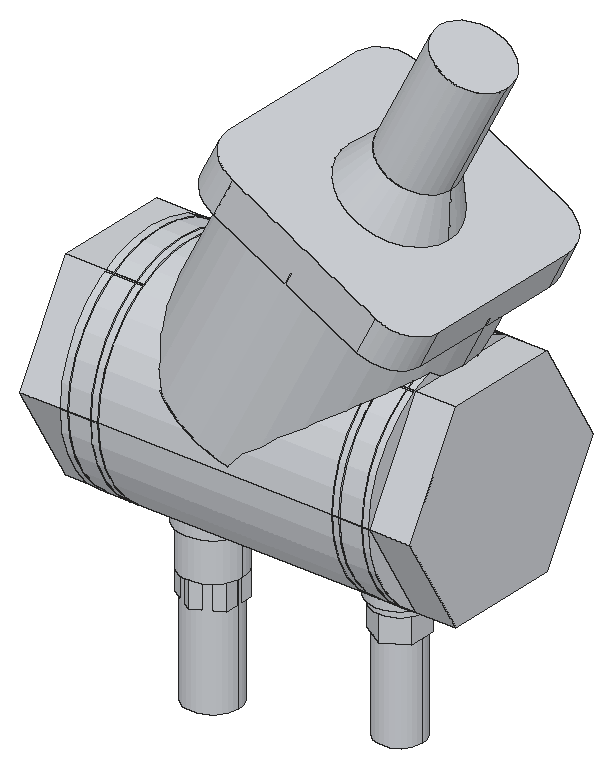
Revit family "Sigma_Compact_DN032_s vyp_RFA_2019", category Pipe Accessories, Revit 2019
Family settings
  Round Connector Dimension = Use Diameter
  Part Type = Valve - Breaks Into
  Work Plane-Based = No
  Always vertical = Yes
  Cut with Voids When Loaded = No
  Shared = No
Parameters (values of type "Sigma Compact DN 32 s vypouštěním")
  magiProductId = "52c1318164f948b8bfa512d8a8b026"
  magiProductFamilyId = "2dc1766e7e3844cdb739145bbea09c"
  magiPartTypeId = 304
  isMeasuringValve [instance] = no
  ang2D [instance] = 0.00°
  Z6 = 33 mm
  Z5 = 77 mm
  Z4 = 66 mm
  Z3 = 11 mm
  Z2 = 55 mm
  XR2 = 37.5 mm
  XR1 = 25.5 mm
  W2D = 32 mm
  VersionID = "2.0/2018.12.13.2/FRESE_SIGMA_PLUG_Q13_001"
  Use Minimum Symbol Size [instance] = no
  URL = "www.hydronic.cz"
  Type Comments = "závitový; vnitřní závit; PN25; max dp=400kPa; -10~+120°C; max uzavírací tlak 1MPa"
  R4 = 15 mm
  R3 = 10 mm
  R2 = 30.5 mm
  R1 = 31.5 mm
  QmdConnectorList = "301;D;302;D"
  Productdata [instance] = ""
  NL__ve = -NL  # -20.8 mm
  NL = 20.8 mm
  Manufacturer = "Hydronic Systems Prague s.r.o."
  MC Use Limits From Balancing Method = no
  MC Throttling Minimum Value = 0
  MC Throttling Maximum Value = 0
  MC Product Code = "53-2225 DN32 FF s měřením a vypouštěním; (200-5000 l/h); kvs=10,9"
  MC Pressure Drop Minimum Value = 0.0 Pa
  MC Pressure Drop Maximum Value = 0.0 Pa
  MC Piping Given Pressure Drop [instance] = 0.0 Pa
  M5 = 41.2 mm
  M4 = 39.2 mm
  M3 = 33.2 mm
  M2 = 31.2 mm
  LP = 52 mm
  LM = 62.4 mm
  LL__ve = -LL  # -6.8 mm
  LLT__ve = -LLT  # -22.6 mm
  LLT = 22.6 mm
  LLL = 11 mm
  LL3 = 52 mm
  LL2 = 43 mm
  LL = 6.8 mm
  L3 = 25 mm
  L2D_Min = 30.48 mm
  L2D = 82.4 mm
  Description = "Automatický vyvažovací ventil"
  DR1 = yes
  DR0 = no
  DL2 = 77 mm
  D = 32 mm
  CenSd_R2_6 = R2 * cos(30.00°)  # 26.414 mm
  CAT0 = yes
  C0D1 = yes
  C0D0 = no
Types (3, lengths in mm): name | magiProductId | Z6 | Z5 | Z4 | Z3 | Z2 | NL__ve | NL | MC Product Code | M5 | M4 | M3 | M2 | LP | LM | LL__ve | LLT__ve | LLT | LL3 | LL2 | LL | DL2 | D
  Sigma Compact DN 32 s vypouštěním | "52c1318164f948b8bfa512d8a8b026" | 33 | 77 | 66 | 11 | 55 | -20.8 | 20.8 | "53-2225 DN32 FF s měřením a vypouštěním; (200-5000 l/h); kvs=10,9" | 41.2 | 39.2 | 33.2 | 31.2 | 52 | 62.4 | -6.8 | -22.6 | 22.6 | 52 | 43 | 6.8 | 77 | 32
  Sigma Compact DN 40 s vypouštěním | "ead7fbe154ec4086ae4626bbcbe652" | 39.3 | 91.7 | 78.6 | 13.1 | 65.5 | -27.6 | 27.6 | "53-2226 DN40 FF s měřením a vypouštěním; (719-7400 l/h); kvs=18,0" | 51.4 | 49.4 | 43.4 | 41.4 | 69 | 82.8 | -7 | -24 | 24 | 54 | 45 | 7 | 79 | 40
  Sigma Compact DN 50 s vypouštěním | "001ad4382b874bb9b8e1e8cf3b6430" | 39.3 | 91.7 | 78.6 | 13.1 | 65.5 | -27.6 | 27.6 | "53-2227 DN50 FF s měřením a vypouštěním; (900-10350 l/h); kvs=20,3" | 51.4 | 49.4 | 43.4 | 41.4 | 69 | 82.8 | -7.6 | -28.2 | 28.2 | 60 | 51 | 7.6 | 85 | 50
Reference planes
  plane 1 "Center (Front/Back)": y = 0
  plane 2 "XYPLANE": z = 0
  plane 3 "Center (Left/Right)": x = 0
  plane 4 "408": x = 52
  plane 5 "407": x = -52
  plane 6 "404": z = -45.2
  plane 7 "403": z = -52
  plane 8 "402": z = -77
  plane 9 "213": x = -25
  plane 10 "168": z = -18.6
  plane 11 "167": z = -20.6
  plane 12 "166": z = -27.4
  plane 13 "165": z = -34.2
  plane 14 "164": z = -36.2
  plane 15 "154": z = 0
  plane 16 "152": y = 0
  plane 17 "151": z = -43
  plane 18 "150": x = 25
  plane 19 "75": through (307.08, 0, 685.28) normal (0.891, 0, -0.454)
  plane 20 "74": x = 41.2
  plane 21 "73": x = 39.2
  plane 22 "72": x = 33.2
  plane 23 "71": x = 31.2
  plane 24 "70": x = -41.2
  plane 25 "69": x = -39.2
  plane 26 "68": x = -33.2
  plane 27 "67": y = 0
  plane 28 "66": through (-666.893, 0, 343.166) normal (0.454, 0, 0.891)
  plane 29 "65": x = -31.2
  plane 30 "64": through (335.147, 0, 670.979) normal (0.891, 0, -0.454)
  plane 31 "63": through (-643.285, 0, 389.498) normal (0.454, 0, 0.891)
  plane 32 "62": through (363.214, 0, 656.678) normal (0.891, 0, -0.454)
  plane 33 "61": y = 31.5
  plane 34 "60": y = -31.5
  plane 35 "59": through (-638.292, 0, 399.299) normal (0.454, 0, 0.891)
  plane 36 "58": through (-633.298, 0, 409.1) normal (0.454, 0, 0.891)
  plane 37 "56": x = 0
  plane 38 "55": through (-668.255, 0, 340.493) normal (0.454, 0, 0.891)
  plane 39 "102XY": through (-668.255, 0, 340.493) normal (0.454, 0, 0.891)
  plane 40 "102XZ": y = 0
  plane 41 "102YZ": through (340.493, 0, 668.255) normal (0.891, 0, -0.454)
Forms (mm)
  Extrusion 1, solid
    sketch origin (52, -750, 0) x (0, 1, 0) y (0, 0, 1)
      loop
        line (780.5, 0) -> (765.25, 26.414) -> (734.75, 26.414) -> (719.5, 0) -> (734.75, -26.414) -> (765.25, -26.414) -> (780.5, 0)
    from 0 to -20.8 <- "NL__ve"
  Extrusion 2, solid
    sketch origin (-52, -750, 0) x (0, 1, 0) y (0, 0, 1)
      loop
        line (719.5, 0) -> (734.75, -26.414) -> (765.25, -26.414) -> (780.5, 0) -> (765.25, 26.414) -> (734.75, 26.414) -> (719.5, 0)
    from 0 to 20.8 <- "NL"
  Extrusion 3, solid, visible <- "C0D1"
    sketch origin (-750, 0, -77) x (1, 0, 0) y (0, 1, 0)
      loop
        circle (725, 0) r 7
    from 0 to 50
  Extrusion 4, solid, visible <- "DR1"
    sketch origin (-750, 0, -45.2) x (1, 0, 0) y (0, 1, 0)
      loop
        line (725, -8) -> (731.928, -4) -> (731.928, 4) -> (725, 8) -> (718.072, 4) -> (718.072, -4) -> (725, -8)
    from 0 to -6.8 <- "LL__ve"
  Extrusion 5, solid, visible <- "DR1"
    sketch origin (-750, 0, -45.2) x (1, 0, 0) y (0, 1, 0)
      loop
        circle (725, 0) r 8
    from 0 to 11 <- "LLL"
  Extrusion 6, solid, visible <- "DR1"
    sketch origin (-750, 0, -34.2) x (1, 0, 0) y (0, 1, 0)
      loop
        circle (725, 0) r 9
    from 0 to 6.8 <- "LL"
  Extrusion 7, solid, visible <- "DR1"
    sketch origin (-750, 0, -27.4) x (1, 0, 0) y (0, 1, 0)
      loop
        circle (725, 0) r 10
    from 0 to 6.8 <- "LL"
  Blend 8, solid, visible <- "DR1"
    base sketch origin (-750, 0, -18.6) x (1, 0, 0) y (0, 1, 0)
      loop
        circle (725, 0) r 7.5
    top sketch origin (-750, 0, -18.6) x (1, 0, 0) y (0, 1, 0)
      loop
        circle (725, 0) r 10
    from 0 to -2
  Extrusion 9, solid, visible <- "DR1"
    sketch origin (-750, 0, 0) x (1, 0, 0) y (0, 1, 0)
      loop
        circle (725, 0) r 7.5
    from 0 to -22.6 <- "LLT__ve"
  Extrusion 10, solid, visible <- "C0D0"
    sketch origin (-750, 0, -43) x (1, 0, 0) y (0, 1, 0)
      loop
        circle (725, 0) r 6
    from 0 to -25
  Extrusion 11, solid, visible <- "DR0"
    sketch origin (-750, 0, -36.2) x (1, 0, 0) y (0, 1, 0)
      loop
        line (725, -7) -> (731.062, -3.5) -> (731.062, 3.5) -> (725, 7) -> (718.938, 3.5) -> (718.938, -3.5) -> (725, -7)
    from 0 to -6.8 <- "LL__ve"
  Extrusion 12, solid, visible <- "DR0"
    sketch origin (-750, 0, -36.2) x (1, 0, 0) y (0, 1, 0)
      loop
        circle (725, 0) r 7
    from 0 to 2
  Extrusion 13, solid, visible <- "DR0"
    sketch origin (-750, 0, -27.4) x (1, 0, 0) y (0, 1, 0)
      loop
        circle (725, 0) r 9
    from 0 to 6.8 <- "LL"
  Blend 14, solid, visible <- "DR0"
    base sketch origin (-750, 0, -18.6) x (1, 0, 0) y (0, 1, 0)
      loop
        circle (725, 0) r 6.5
    top sketch origin (-750, 0, -18.6) x (1, 0, 0) y (0, 1, 0)
      loop
        circle (725, 0) r 9
    from 0 to -2
  Extrusion 15, solid, visible <- "DR0"
    sketch origin (-750, 0, 0) x (1, 0, 0) y (0, 1, 0)
      loop
        circle (725, 0) r 6.5
    from 0 to -22.6 <- "LLT__ve"
  Extrusion 16, solid, visible <- "DR0"
    sketch origin (-750, 0, 0) x (1, 0, 0) y (0, 1, 0)
      loop
        circle (725, 0) r 6.5
    from 0 to -22.6 <- "LLT__ve"
  Blend 17, solid, visible <- "DR0"
    base sketch origin (-750, 0, -18.6) x (1, 0, 0) y (0, 1, 0)
      loop
        circle (725, 0) r 6.5
    top sketch origin (-750, 0, -18.6) x (1, 0, 0) y (0, 1, 0)
      loop
        circle (725, 0) r 9
    from 0 to -2
  Extrusion 18, solid, visible <- "DR0"
    sketch origin (-750, 0, -27.4) x (1, 0, 0) y (0, 1, 0)
      loop
        circle (725, 0) r 9
    from 0 to 6.8 <- "LL"
  Extrusion 19, solid, visible <- "DR0"
    sketch origin (-750, 0, -34.2) x (1, 0, 0) y (0, 1, 0)
      loop
        circle (725, 0) r 8
    from 0 to 6.8 <- "LL"
  Extrusion 20, solid, visible <- "DR0"
    sketch origin (-750, 0, -36.2) x (1, 0, 0) y (0, 1, 0)
      loop
        circle (725, 0) r 7
    from 0 to 2
  Extrusion 21, solid, visible <- "DR0"
    sketch origin (-750, 0, -36.2) x (1, 0, 0) y (0, 1, 0)
      loop
        line (725, -7) -> (731.062, -3.5) -> (731.062, 3.5) -> (725, 7) -> (718.938, 3.5) -> (718.938, -3.5) -> (725, -7)
    from 0 to -6.8 <- "LL__ve"
  Extrusion 22, solid, visible <- "C0D0"
    sketch origin (-750, 0, -43) x (1, 0, 0) y (0, 1, 0)
      loop
        circle (725, 0) r 6
    from 0 to -25
  Extrusion 23, solid, visible <- "CAT0"
    sketch origin (-750, 0, -43) x (1, 0, 0) y (0, 1, 0)
      loop
        circle (775, 0) r 6
    from 0 to -25
  Extrusion 24, solid
    sketch origin (-750, 0, -36.2) x (1, 0, 0) y (0, 1, 0)
      loop
        line (775, -7) -> (781.062, -3.5) -> (781.062, 3.5) -> (775, 7) -> (768.938, 3.5) -> (768.938, -3.5) -> (775, -7)
    from 0 to -6.8 <- "LL__ve"
  Extrusion 25, solid
    sketch origin (-750, 0, -36.2) x (1, 0, 0) y (0, 1, 0)
      loop
        circle (775, 0) r 7
    from 0 to 2
  Extrusion 26, solid
    sketch origin (-750, 0, -34.2) x (1, 0, 0) y (0, 1, 0)
      loop
        circle (775, 0) r 8
    from 0 to 6.8 <- "LL"
  Extrusion 27, solid
    sketch origin (-750, 0, -27.4) x (1, 0, 0) y (0, 1, 0)
      loop
        circle (775, 0) r 9
    from 0 to 6.8 <- "LL"
  Blend 28, solid
    base sketch origin (-750, 0, -18.6) x (1, 0, 0) y (0, 1, 0)
      loop
        circle (775, 0) r 6.5
    top sketch origin (-750, 0, -18.6) x (1, 0, 0) y (0, 1, 0)
      loop
        circle (775, 0) r 9
    from 0 to -2
  Extrusion 29, solid
    sketch origin (-750, 0, 0) x (1, 0, 0) y (0, 1, 0)
      loop
        circle (775, 0) r 6.5
    from 0 to -22.6 <- "LLT__ve"
  Blend 30, solid, visible <- "CAT0"
    base sketch origin (39.2, -750, 0) x (0, 1, 0) y (0, 0, 1)
      loop
        circle (750, 0) r 30.5
    top sketch origin (39.2, -750, 0) x (0, 1, 0) y (0, 0, 1)
      loop
        circle (750, 0) r 30.5
    from 0 to 2
  Extrusion 31, solid, visible <- "CAT0"
    sketch origin (33.2, -750, 0) x (0, 1, 0) y (0, 0, 1)
      loop
        circle (750, 0) r 30.5
    from 0 to 6
  Blend 32, solid, visible <- "CAT0"
    base sketch origin (31.2, -750, 0) x (0, 1, 0) y (0, 0, 1)
      loop
        circle (750, 0) r 30.5
    top sketch origin (31.2, -750, 0) x (0, 1, 0) y (0, 0, 1)
      loop
        circle (750, 0) r 30.5
    from 0 to 2
  Blend 33, solid, visible <- "CAT0"
    base sketch origin (-39.2, -750, 0) x (0, 1, 0) y (0, 0, 1)
      loop
        circle (750, 0) r 30.5
    top sketch origin (-39.2, -750, 0) x (0, 1, 0) y (0, 0, 1)
      loop
        circle (750, 0) r 30.5
    from 0 to -2
  Extrusion 34, solid, visible <- "CAT0"
    sketch origin (-39.2, -750, 0) x (0, 1, 0) y (0, 0, 1)
      loop
        circle (750, 0) r 30.5
    from 0 to 6
  Blend 35, solid, visible <- "CAT0"
    base sketch origin (-33.2, -750, 0) x (0, 1, 0) y (0, 0, 1)
      loop
        circle (750, 0) r 30.5
    top sketch origin (-33.2, -750, 0) x (0, 1, 0) y (0, 0, 1)
      loop
        circle (750, 0) r 30.5
    from 0 to 2
  Extrusion 36, solid, visible <- "CAT0"
    sketch origin (-31.2, -750, 0) x (0, 1, 0) y (0, 0, 1)
      loop
        circle (750, 0) r 30.5
    from 0 to 62.4 <- "LM"
  Extrusion 37, solid, visible <- "CAT0"
    sketch origin (-666.893, 0, 343.166) x (0.891007, 0, -0.45399) y (0, 1, 0)
      loop
        circle (744, 0) r 31.5
    from 0 to 55 <- "Z2"
  Extrusion 38, solid, visible <- "CAT0"
    sketch origin (-643.285, 0, 389.498) x (0.891007, 0, -0.45399) y (0, 1, 0)
      loop
        arc (722.5, 31.5) -> (715.429, 28.571) -> (712.5, 21.5) r 10
        line (712.5, 21.5) -> (712.5, -21.5)
        arc (712.5, -21.5) -> (715.429, -28.571) -> (722.5, -31.5) r 10
        line (722.5, -31.5) -> (765.5, -31.5)
        arc (765.5, -31.5) -> (772.571, -28.571) -> (775.5, -21.5) r 10
        line (775.5, -21.5) -> (775.5, 21.5)
        arc (775.5, 21.5) -> (772.571, 28.571) -> (765.5, 31.5) r 10
        line (765.5, 31.5) -> (722.5, 31.5)
    from 0 to 11 <- "Z3"
  Blend 39, solid, visible <- "CAT0"
    base sketch origin (-638.292, 0, 399.299) x (0.891007, 0, -0.45399) y (0, 1, 0)
      loop
        circle (744, 0) r 15
    top sketch origin (-638.292, 0, 399.299) x (0.891007, 0, -0.45399) y (0, 1, 0)
      loop
        circle (744, 0) r 10
    from 0 to 11
  Extrusion 40, solid, visible <- "CAT0"
    sketch origin (-633.298, 0, 409.1) x (0.891007, 0, -0.45399) y (0, 1, 0)
      loop
        circle (744, 0) r 10
    from 0 to 33 <- "Z6"
  Blend 41, solid, visible <- "CAT0"
    base sketch origin (-668.255, 0, 340.493) x (0.891007, 0, -0.45399) y (0, 1, 0)
      loop
        circle (744, 0) r 15
    top sketch origin (-668.255, 0, 340.493) x (0.891007, 0, -0.45399) y (0, 1, 0)
      loop
        circle (744, 0) r 31.5
    from 0 to 3
  Extrusion 42, solid, not visible
    sketch origin (-41.2, -750, 0) x (0, 1, 0) y (0, 0, 1)
      loop
        circle (750, 0) r 10
    from 0 to 10
  Extrusion 43, solid, not visible
    sketch origin (41.2, -750, 0) x (0, 1, 0) y (0, 0, 1)
      loop
        circle (750, 0) r 10
    from 0 to -10
Lines and regions (mm)
  reference lines, not visible
    curve 1: circle (2, 2, 0) r 1 normal (0, 0, 1)
  reference lines
    curve 2: line (52, 0, 0) -> (52, -7.625, 13.207)
    curve 3: line (52, 0, 0) -> (52, -15.25, 0)
    curve 4: line (52, 0, 0) -> (52, -7.625, -13.207)
    curve 5: line (-52, 0, 0) -> (-52, 7.625, 13.207)
    curve 6: line (-52, 0, 0) -> (-52, 15.25, 0)
    curve 7: line (-52, 0, 0) -> (-52, 7.625, -13.207)
Dimensions and locks
  plane 1 "Center (Front/Back)" to curve 1 = 2 mm
  "LP": plane 37 "56" to plane 4 "408"
  "LP": plane 37 "56" to plane 5 "407"
  "LL": plane 7 "403" to plane 6 "404"
  "LL3": plane 2 "XYPLANE" to plane 7 "403"
  "DL2": plane 2 "XYPLANE" to plane 8 "402"
  "L3": plane 3 "Center (Left/Right)" to plane 9 "213"
  locked: plane 11 "167" to plane 10 "168" at 2
  "LL": plane 12 "166" to plane 11 "167"
  "LL": plane 13 "165" to plane 12 "166"
  locked: plane 14 "164" to plane 13 "165" at 2
  "LL": plane 17 "151" to plane 14 "164"
  locked: plane 2 "XYPLANE" to plane 15 "154"
  locked: plane 1 "Center (Front/Back)" to plane 16 "152"
  "LL2": plane 2 "XYPLANE" to plane 17 "151"
  "L3": plane 3 "Center (Left/Right)" to plane 18 "150"
  "XR2": plane 41 "102YZ" to plane 19 "75"
  "M5": plane 3 "Center (Left/Right)" to plane 20 "74"
  "M4": plane 3 "Center (Left/Right)" to plane 21 "73"
  "M3": plane 3 "Center (Left/Right)" to plane 22 "72"
  "M2": plane 3 "Center (Left/Right)" to plane 23 "71"
  "M5": plane 3 "Center (Left/Right)" to plane 24 "70"
  "M4": plane 3 "Center (Left/Right)" to plane 25 "69"
  "M3": plane 3 "Center (Left/Right)" to plane 26 "68"
  locked: plane 16 "152" to plane 27 "67"
  locked: plane 39 "102XY" to plane 28 "66" at 3
  "M2": plane 3 "Center (Left/Right)" to plane 29 "65"
  locked: plane 41 "102YZ" to plane 30 "64" at 6
  "Z2": plane 39 "102XY" to plane 31 "63"
  "XR1": plane 41 "102YZ" to plane 32 "62"
  "R1": plane 16 "152" to plane 33 "61"
  "R1": plane 16 "152" to plane 34 "60"
  "Z4": plane 39 "102XY" to plane 35 "59"
  "Z5": plane 39 "102XY" to plane 36 "58"
  locked: plane 3 "Center (Left/Right)" to plane 37 "56"
  locked: plane 39 "102XY" to plane 38 "55"
  "CenSd_R2_6": curve 2 to Extrusion 1 sketch curve  (x2)
  "CenSd_R2_6": curve 3 to Extrusion 1 sketch curve  (x2)
  "CenSd_R2_6": curve 4 to Extrusion 1 sketch curve  (x2)
  Extrusion 1 sketch curve to Extrusion 1 sketch curve = 0 mm  (x12)
  "CenSd_R2_6": curve 5 to Extrusion 2 sketch curve  (x2)
  "CenSd_R2_6": curve 6 to Extrusion 2 sketch curve  (x2)
  "CenSd_R2_6": curve 7 to Extrusion 2 sketch curve  (x2)
  Extrusion 2 sketch curve to Extrusion 2 sketch curve = 0 mm  (x12)
  Extrusion 4 sketch curve to Extrusion 4 sketch curve = 0 mm  (x12)
  Extrusion 11 sketch curve to Extrusion 11 sketch curve = 0 mm  (x12)
  Extrusion 21 sketch curve to Extrusion 21 sketch curve = 0 mm  (x12)
  Extrusion 24 sketch curve to Extrusion 24 sketch curve = 0 mm  (x12)
  Extrusion 38 sketch curve to Extrusion 38 sketch curve = 0 mm  (x16)
  "R2": radius of Blend 30 sketch curve  (x2)
  "R2": radius of Extrusion 31 sketch curve
  "R2": radius of Blend 32 sketch curve  (x2)
  "R2": radius of Blend 33 sketch curve  (x2)
  "R2": radius of Extrusion 34 sketch curve
  "R2": radius of Blend 35 sketch curve  (x2)
  "R2": radius of Extrusion 36 sketch curve
  "R1": radius of Extrusion 37 sketch curve
  radius of Extrusion 38 sketch curve = 10 mm  (x4)
  "R3": radius of Blend 39 sketch curve
  "R4": radius of Blend 39 sketch curve
  "R3": radius of Extrusion 40 sketch curve
  "R1": radius of Blend 41 sketch curve
  locked: curve 3 to curve 2 (angle 60.00°)
  locked: curve 4 to curve 3 (angle 60.00°)
  locked: curve 4 to curve 2 (angle 120.00°)
  locked: curve 6 to curve 5 (angle 60.00°)
  locked: curve 7 to curve 6 (angle 60.00°)
  locked: curve 7 to curve 5 (angle 120.00°)
  aligned and locked: level to plane 2 "XYPLANE"
  aligned and locked: plane 15 "154" to curve 4
  aligned and locked: curve 4 to plane 16 "152"
  aligned and locked: plane 15 "154" to curve 7
  aligned and locked: curve 7 to plane 16 "152"
  aligned and locked: plane 9 "213" to Extrusion 3 sketch curve
  aligned and locked: plane 16 "152" to Extrusion 3 sketch curve
  aligned and locked: plane 9 "213" to Extrusion 5 sketch curve
  aligned and locked: plane 16 "152" to Extrusion 5 sketch curve
  aligned and locked: plane 9 "213" to Extrusion 6 sketch curve
  aligned and locked: plane 16 "152" to Extrusion 6 sketch curve
  aligned and locked: plane 9 "213" to Extrusion 7 sketch curve
  aligned and locked: plane 16 "152" to Extrusion 7 sketch curve
  aligned and locked: plane 9 "213" to Blend 8 sketch curve  (x2)
  aligned and locked: plane 16 "152" to Blend 8 sketch curve  (x2)
  aligned and locked: Blend 8 to plane 11 "167"
  aligned and locked: plane 9 "213" to Extrusion 9 sketch curve
  aligned and locked: plane 16 "152" to Extrusion 9 sketch curve
  aligned and locked: plane 9 "213" to Extrusion 10 sketch curve
  aligned and locked: plane 16 "152" to Extrusion 10 sketch curve
  aligned and locked: plane 9 "213" to Extrusion 12 sketch curve
  aligned and locked: plane 16 "152" to Extrusion 12 sketch curve
  aligned and locked: plane 9 "213" to Extrusion 13 sketch curve
  aligned and locked: plane 16 "152" to Extrusion 13 sketch curve
  aligned and locked: plane 9 "213" to Blend 14 sketch curve  (x2)
  aligned and locked: plane 16 "152" to Blend 14 sketch curve  (x2)
  aligned and locked: Blend 14 to plane 11 "167"
  aligned and locked: plane 9 "213" to Extrusion 15 sketch curve
  aligned and locked: plane 16 "152" to Extrusion 15 sketch curve
  aligned and locked: plane 9 "213" to Extrusion 16 sketch curve
  aligned and locked: plane 16 "152" to Extrusion 16 sketch curve
  aligned and locked: plane 9 "213" to Blend 17 sketch curve  (x2)
  aligned and locked: plane 16 "152" to Blend 17 sketch curve  (x2)
  aligned and locked: Blend 17 to plane 11 "167"
  aligned and locked: plane 9 "213" to Extrusion 18 sketch curve
  aligned and locked: plane 16 "152" to Extrusion 18 sketch curve
  aligned and locked: plane 9 "213" to Extrusion 19 sketch curve
  aligned and locked: plane 16 "152" to Extrusion 19 sketch curve
  aligned and locked: plane 9 "213" to Extrusion 20 sketch curve
  aligned and locked: plane 16 "152" to Extrusion 20 sketch curve
  aligned and locked: plane 9 "213" to Extrusion 22 sketch curve
  aligned and locked: plane 16 "152" to Extrusion 22 sketch curve
  aligned and locked: plane 16 "152" to Extrusion 23 sketch curve
  aligned and locked: plane 18 "150" to Extrusion 23 sketch curve
  aligned and locked: plane 16 "152" to Extrusion 25 sketch curve
  aligned and locked: plane 18 "150" to Extrusion 25 sketch curve
  aligned and locked: plane 16 "152" to Extrusion 26 sketch curve
  aligned and locked: plane 18 "150" to Extrusion 26 sketch curve
  aligned and locked: plane 16 "152" to Extrusion 27 sketch curve
  aligned and locked: plane 18 "150" to Extrusion 27 sketch curve
  aligned and locked: plane 16 "152" to Blend 28 sketch curve  (x2)
  aligned and locked: plane 18 "150" to Blend 28 sketch curve  (x2)
  aligned and locked: Blend 28 to plane 11 "167"
  aligned and locked: plane 16 "152" to Extrusion 29 sketch curve
  aligned and locked: plane 18 "150" to Extrusion 29 sketch curve
  aligned and locked: plane 15 "154" to Blend 30 sketch curve  (x2)
  aligned and locked: Blend 30 sketch curve to plane 16 "152"  (x2)
  aligned and locked: plane 20 "74" to Blend 30
  aligned and locked: plane 15 "154" to Extrusion 31 sketch curve
  aligned and locked: Extrusion 31 sketch curve to plane 16 "152"
  aligned and locked: plane 15 "154" to Blend 32 sketch curve  (x2)
  aligned and locked: Blend 32 sketch curve to plane 16 "152"  (x2)
  aligned and locked: plane 22 "72" to Blend 32
  aligned and locked: plane 15 "154" to Blend 33 sketch curve  (x2)
  aligned and locked: Blend 33 sketch curve to plane 16 "152"  (x2)
  aligned and locked: Blend 33 to plane 24 "70"
  aligned and locked: plane 15 "154" to Extrusion 34 sketch curve
  aligned and locked: Extrusion 34 sketch curve to plane 16 "152"
  aligned and locked: plane 15 "154" to Blend 35 sketch curve  (x2)
  aligned and locked: Blend 35 sketch curve to plane 16 "152"  (x2)
  aligned and locked: plane 29 "65" to Blend 35
  aligned and locked: plane 15 "154" to Extrusion 36 sketch curve
  aligned and locked: Extrusion 36 sketch curve to plane 16 "152"
  aligned and locked: plane 27 "67" to Extrusion 37 sketch curve
  aligned and locked: Extrusion 37 sketch curve to plane 30 "64"
  aligned and locked: Extrusion 38 sketch curve to plane 19 "75"
  aligned and locked: Extrusion 38 sketch curve to plane 34 "60"
  aligned and locked: Extrusion 38 sketch curve to plane 32 "62"
  aligned and locked: plane 33 "61" to Extrusion 38 sketch curve
  aligned and locked: plane 27 "67" to Blend 39 sketch curve  (x2)
  aligned and locked: Blend 39 sketch curve to plane 30 "64"  (x2)
  aligned and locked: plane 36 "58" to Blend 39
  aligned and locked: plane 27 "67" to Extrusion 40 sketch curve
  aligned and locked: Extrusion 40 sketch curve to plane 30 "64"
  aligned and locked: plane 27 "67" to Blend 41 sketch curve  (x2)
  aligned and locked: Blend 41 sketch curve to plane 30 "64"  (x2)
  aligned and locked: plane 28 "66" to Blend 41
  aligned and locked: plane 15 "154" to Extrusion 42 sketch curve
  aligned and locked: Extrusion 42 sketch curve to plane 16 "152"
  aligned and locked: plane 15 "154" to Extrusion 43 sketch curve
  aligned and locked: Extrusion 43 sketch curve to plane 16 "152"
Automatic sketch dimensions
  Extrusion 3 sketch curve to plane 29 "65" = 0.8 mm
  Extrusion 4 sketch curve to plane 9 "213" = 0 mm  (x2)
  Extrusion 4 sketch curve to plane 29 "65" = 0.728 mm
  plane 9 "213" to Extrusion 4 sketch curve = 6.928 mm
  plane 1 "Center (Front/Back)" to Extrusion 4 sketch curve = 8 mm
  plane 1 "Center (Front/Back)" to Extrusion 4 sketch curve = 4 mm  (x2)
  Extrusion 4 sketch curve to plane 1 "Center (Front/Back)" = 4 mm  (x2)
  Extrusion 4 sketch curve to plane 1 "Center (Front/Back)" = 8 mm
  plane 26 "68" to Extrusion 5 sketch curve = 0.2 mm
  Extrusion 6 sketch curve to plane 26 "68" = 0.8 mm
  Extrusion 7 sketch curve to plane 26 "68" = 1.8 mm
  plane 26 "68" to Blend 8 sketch curve = 0.7 mm
  Blend 8 sketch curve to plane 26 "68" = 1.8 mm
  plane 26 "68" to Extrusion 9 sketch curve = 0.7 mm
  plane 29 "65" to Extrusion 10 sketch curve = 0.2 mm
  Extrusion 11 sketch curve to plane 9 "213" = 0 mm  (x2)
  plane 29 "65" to Extrusion 11 sketch curve = 0.138 mm
  plane 9 "213" to Extrusion 11 sketch curve = 6.062 mm
  plane 1 "Center (Front/Back)" to Extrusion 11 sketch curve = 7 mm
  plane 1 "Center (Front/Back)" to Extrusion 11 sketch curve = 3.5 mm  (x2)
  Extrusion 11 sketch curve to plane 1 "Center (Front/Back)" = 3.5 mm  (x2)
  Extrusion 11 sketch curve to Extrusion 11 sketch curve = 3.5 mm
  Extrusion 12 sketch curve to plane 29 "65" = 0.8 mm
  Extrusion 13 sketch curve to plane 26 "68" = 0.8 mm
  Blend 14 sketch curve to plane 29 "65" = 0.3 mm
  Blend 14 sketch curve to plane 26 "68" = 0.8 mm
  Extrusion 15 sketch curve to plane 29 "65" = 0.3 mm
  Extrusion 16 sketch curve to plane 29 "65" = 0.3 mm
  Blend 17 sketch curve to plane 29 "65" = 0.3 mm
  Blend 17 sketch curve to plane 26 "68" = 0.8 mm
  Extrusion 18 sketch curve to plane 26 "68" = 0.8 mm
  plane 26 "68" to Extrusion 19 sketch curve = 0.2 mm
  Extrusion 20 sketch curve to plane 29 "65" = 0.8 mm
  Extrusion 21 sketch curve to plane 9 "213" = 0 mm  (x2)
  plane 29 "65" to Extrusion 21 sketch curve = 0.138 mm
  plane 9 "213" to Extrusion 21 sketch curve = 6.062 mm
  plane 1 "Center (Front/Back)" to Extrusion 21 sketch curve = 7 mm
  plane 1 "Center (Front/Back)" to Extrusion 21 sketch curve = 3.5 mm  (x2)
  Extrusion 21 sketch curve to plane 1 "Center (Front/Back)" = 3.5 mm  (x2)
  Extrusion 21 sketch curve to Extrusion 21 sketch curve = 3.5 mm
  plane 29 "65" to Extrusion 22 sketch curve = 0.2 mm
  Extrusion 23 sketch curve to plane 18 "150" = 6 mm
  Extrusion 24 sketch curve to plane 18 "150" = 0 mm  (x2)
  Extrusion 24 sketch curve to plane 18 "150" = 6.062 mm
  Extrusion 24 sketch curve to plane 23 "71" = 0.138 mm
  plane 1 "Center (Front/Back)" to Extrusion 24 sketch curve = 7 mm
  plane 1 "Center (Front/Back)" to Extrusion 24 sketch curve = 3.5 mm  (x2)
  Extrusion 24 sketch curve to plane 1 "Center (Front/Back)" = 3.5 mm  (x2)
  Extrusion 24 sketch curve to Extrusion 24 sketch curve = 3.5 mm
  Extrusion 25 sketch curve to plane 18 "150" = 7 mm
  Extrusion 26 sketch curve to plane 18 "150" = 8 mm
  Extrusion 27 sketch curve to Extrusion 27 sketch curve = 9 mm
  Blend 28 sketch curve to plane 18 "150" = 6.5 mm
  Blend 28 sketch curve to Blend 28 sketch curve = 9 mm
  Extrusion 29 sketch curve to plane 18 "150" = 6.5 mm
  Blend 41 sketch curve to Blend 41 sketch curve = 15 mm
  plane 1 "Center (Front/Back)" to Extrusion 42 sketch curve = 10 mm
  plane 1 "Center (Front/Back)" to Extrusion 43 sketch curve = 10 mm
  plane 3 "Center (Left/Right)" to curve 1 = 2 mm
  radius of curve 1 = 1 mm
Connectors
  piping at (-41.2, 0, 0), diameter 32, driven by "D"
    settings: on Extrusion 42, index 1, connector inside diameter 609.6 mm, connector length 0 mm, flow factor 0, pipe flow 0.0 L/s, pressure drop 0.0 Pa, fitting loss kfactor 0, connector angle 0.00°, fixture units 0, engagement length 0 mm, angle of deflection 0.00°, flow configuration 0, flow direction 0, fitting loss method 0, system type 29, joint type 0, gender type 0, connector reference index 2, connector utility 0, adjustable connector no, is connector primary yes, connector description ""
  piping at (41.2, 0, 0), diameter 32, driven by "D"
    settings: on Extrusion 43, index 2, connector inside diameter 609.6 mm, connector length 0 mm, flow factor 0, pipe flow 0.0 L/s, pressure drop 0.0 Pa, fitting loss kfactor 0, connector angle 0.00°, fixture units 0, engagement length 0 mm, angle of deflection 0.00°, flow configuration 0, flow direction 0, fitting loss method 0, system type 29, joint type 0, gender type 0, connector reference index 1, connector utility 0, adjustable connector no, is connector primary no, connector description ""
